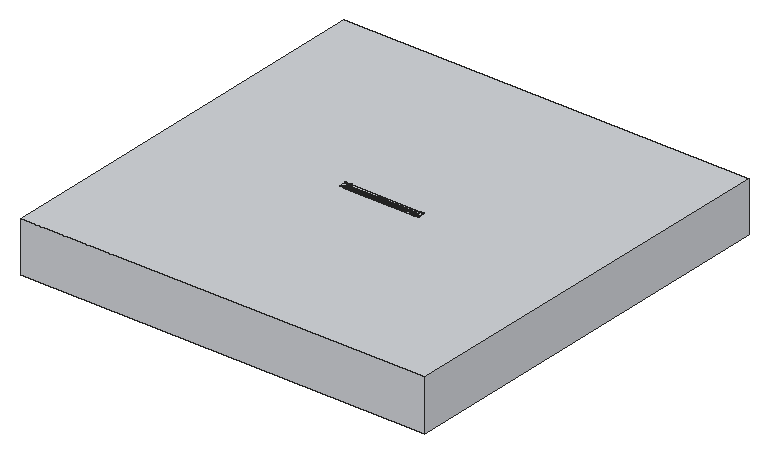
Revit family
Parameters (values of type "M-SFE-LC48-01C")
  Weight = 9.670 lbf
  Version = "Singlemode"
  U/M [instance] = "EA"
  U Space = "1"
  System = "MapIT (Copper & Fiber)"
  Serial Number = "M-SFE-LC48-01"
  Segment = "COPPER"
  Ports = "48"
  Model = "MAPIT"
  Metal = none
  Manufacturer = "SIEMON"
  Loaded/Empty = "Populated"
  Item Group = "MAPIT FIBER"
  Item Class = "X1"
  Description = "MAPIT G2 SMART FIBER ENCLOSURE 48LC,SM,1RMS,BLACK"
  Default Elevation = 4' - 0"
  Color = "Black"
Types (3): name | Version | Description
  (no name) | "Singlemode" | "MAPIT G2 SMART FIBER ENCLOSURE 48LC,SM,1RMS,BLACK"
  M-SFE-LC48-01 | "Multimode" | "MAPIT G2 SMART FIBER ENCLOSURE 48LC,1RMS,BLACK"
  M-SFE-LC48-01C | "Singlemode" | "MAPIT G2 SMART FIBER ENCLOSURE 48LC,SM,1RMS,BLACK"
Reference planes (in)
  plane 1 "Center (Front/Back)": y = 0
  plane 2: z = 0
  plane 3 "Center (Left/Right)": x = 0
Forms (in)
  Extrusion 1, solid
    sketch origin (0, 0, 0) x (1, 0, 0) y (0, 1, 0)
      loop
        line (-48, 48) -> (-48, -48) -> (48, -48) -> (48, 48) -> (-48, 48)
    from 0 to -12
Dimensions and locks (in)
  aligned and locked: plane 2 to Extrusion 1
  aligned and locked: level to Extrusion 1
Nested families (in)
  nested 1: "M-SFE-LC48-01" at (0, -0.70266, -6.02957), type "M-SFE-LC48-01"
Definition of nested family "M-SFE-LC48-01"
  Parameters (values of type "M-SFE-LC48-01")
    Weight = "4.4 kgs (9.67 lbs)"
    UL Rating = "UL 1863"
    U Space / Capacity = "1U"
    Plate = Plate
    Part Number = "M-SFE-LC48-01"
    Panel = Panel
    Material1 = Text
    Material = Cold rolled steel (CRS)
    Manufacturer Contact Info / Website = "www.siemon.com"
    Manufacturer = "Siemon"
    LED Red = LED Red
    LED Green = LED Green
    LCD = LCD
    Dimensions (H x W x D) = "44.5mm x 483mm x 264mm\r\n(1.75 in. x 19.0 in. x 10.37 in.)"
    Description = "MapIT G2 Smart Fiber Enclosure"
    Clearance = "50mm (2.0 in.) Front and Rear"
    Assembly Code = ""
  Reference planes (in)
    plane 1 "Center (Front/Back)": y = 0.70266
    plane 2: z = 6.02957
    plane 3 "Center (Left/Right)": x = 0
  Forms (in)
    Extrusion 1, solid, material "Cold rolled steel (CRS)" <- "Material"
      sketch origin (0, -0.82421, 0.91146) x (1, 0, 0) y (0, 1, 0)
        loop
          arc (8.27491, 0.58945) -> (8.32363, 0.60963) -> (8.34381, 0.65835) r 0.0689
          line (8.34381, 0.65835) -> (8.34381, 1.65167) -> (-8.34381, 1.65167) -> (-8.34381, 0.65835)
          arc (-8.34381, 0.65835) -> (-8.32363, 0.60963) -> (-8.27491, 0.58945) r 0.0689
          line (-8.27491, 0.58945) -> (-8.0967, 0.58945)
          arc (-8.0967, 0.58945) -> (-8.04798, 0.60963) -> (-8.0278, 0.65835) r 0.0689
          line (-8.0278, 0.65835) -> (-8.0278, 0.78434) -> (8.0278, 0.78434) -> (8.0278, 0.65835)
          arc (8.0278, 0.65835) -> (8.04798, 0.60963) -> (8.0967, 0.58945) r 0.0689
          line (8.0967, 0.58945) -> (8.27491, 0.58945)
        loop
          line (-0.6201, 1.36605) -> (-0.6201, 0.99104) -> (0.6201, 0.99104) -> (0.6201, 1.36605) -> (-0.6201, 1.36605)
        loop
          circle (-1.01504, 1.20158) r 0.11
        loop
          circle (1.01504, 1.20158) r 0.11
      from 5.13919 to 5.18419
    Extrusion 2, solid, material "Cold rolled steel (CRS)" <- "Material"
      sketch origin (0, -0.82421, 0.91146) x (0, 0, -1) y (0, 1, 0)
        loop
          arc (-5.10019, 1.73567) -> (-5.15959, 1.71107) -> (-5.18419, 1.65167) r 0.084
          line (-5.18419, 1.65167) -> (-5.13919, 1.65167)
          arc (-5.13919, 1.65167) -> (-5.12777, 1.67925) -> (-5.10019, 1.69067) r 0.039
          line (-5.10019, 1.69067) -> (-5.10019, 1.73567)
      from -8.32781 to 8.32781
    Extrusion 3, solid, material "Cold rolled steel (CRS)" <- "Material"
      sketch origin (0, -0.82421, 0.91146) x (1, 0, 0) y (0, 0, -1)
        loop
          line (8.42781, -5.10019) -> (8.42781, -4.82808)
          arc (8.42781, -4.82808) -> (8.40763, -4.77936) -> (8.35891, -4.75918) r 0.0689
          line (8.35891, -4.75918) -> (-8.35891, -4.75918)
          arc (-8.35891, -4.75918) -> (-8.40763, -4.77936) -> (-8.42781, -4.82808) r 0.0689
          line (-8.42781, -4.82808) -> (-8.42781, -5.10019) -> (8.42781, -5.10019)
      from 1.69067 to 1.73567
    Extrusion 4, solid, material "Cold rolled steel (CRS)" <- "Material"
      sketch origin (0, -0.82421, 0.91146) x (0, 0, -1) y (0, 1, 0)
        loop
          line (-5.08919, 1.59567) -> (-5.08919, 0.114)
          arc (-5.08919, 0.114) -> (-5.08187, 0.09633) -> (-5.06419, 0.089) r 0.025
          line (-5.06419, 0.089) -> (5.08919, 0.089) -> (5.08919, 1.59567)
          arc (5.08919, 1.59567) -> (5.05258, 1.68406) -> (4.96418, 1.72067) r 0.125
          line (4.96418, 1.72067) -> (4.60217, 1.72067)
          arc (4.60217, 1.72067) -> (4.55762, 1.70222) -> (4.53917, 1.65767) r 0.063
          line (4.53917, 1.65767) -> (4.53917, 1.28399)
          arc (4.53917, 1.28399) -> (4.13915, 0.33812) -> (3.73914, 1.28399) r 0.55752
          line (3.73914, 1.28399) -> (3.73914, 1.65767)
          arc (3.73914, 1.65767) -> (3.72069, 1.70222) -> (3.67614, 1.72067) r 0.063
          line (3.67614, 1.72067) -> (3.30255, 1.72067) -> (-4.96418, 1.72067)
          arc (-4.96418, 1.72067) -> (-5.05258, 1.68406) -> (-5.08919, 1.59567) r 0.125
      from -8.48031 to -8.43031
    Extrusion 5, solid, material "Cold rolled steel (CRS)" <- "Material"
      sketch origin (-0.05, -0.82421, 0.91146) x (0, 0, -1) y (0, 1, 0)
        loop
          arc (0.19685, 1.59567) -> (0.16024, 1.68406) -> (0.07185, 1.72067) r 0.125
          line (0.07185, 1.72067) -> (-5.14519, 1.72067) -> (-5.14519, 0) -> (0.07185, 0)
          arc (0.07185, 0) -> (0.16024, 0.03661) -> (0.19685, 0.125) r 0.125
          line (0.19685, 0.125) -> (0.19685, 1.59567)
      from -8.47531 to -8.43031
    Extrusion 6, solid, material "Cold rolled steel (CRS)" <- "Material"
      sketch origin (-0.034, -0.82421, 0.95647) x (1, 0, 0) y (0, 1, 0)
        loop
          line (-8.53032, 1.72067) -> (-9.2352, 1.72067)
          arc (-9.2352, 1.72067) -> (-9.32359, 1.68406) -> (-9.3602, 1.59567) r 0.125
          line (-9.3602, 1.59567) -> (-9.3602, 0.125)
          arc (-9.3602, 0.125) -> (-9.32359, 0.03661) -> (-9.2352, 0) r 0.125
          line (-9.2352, 0) -> (-8.53032, 0) -> (-8.53032, 1.72067)
        loop
          arc (-9.12681, 1.60992) -> (-9.21293, 1.5238) -> (-9.12681, 1.43768) r 0.08612
          line (-9.12681, 1.43768) -> (-8.95402, 1.43768)
          arc (-8.95402, 1.43768) -> (-8.8679, 1.5238) -> (-8.95402, 1.60992) r 0.08612
          line (-8.95402, 1.60992) -> (-9.12681, 1.60992)
        loop
          line (-9.12681, 0.11075) -> (-8.95402, 0.11075)
          arc (-8.95402, 0.11075) -> (-8.8679, 0.19687) -> (-8.95402, 0.28299) r 0.08612
          line (-8.95402, 0.28299) -> (-9.12681, 0.28299)
          arc (-9.12681, 0.28299) -> (-9.21293, 0.19687) -> (-9.12681, 0.11075) r 0.08612
      from 5.13919 to 5.18419
    Extrusion 7, solid, material "Cold rolled steel (CRS)" <- "Material"
      sketch origin (-0.034, -0.82421, 0.91146) x (1, 0, 0) y (0, 0, -1)
        loop
          line (-8.44631, -5.14519) -> (-8.49132, -5.14519)
          arc (-8.49132, -5.14519) -> (-8.50274, -5.17277) -> (-8.53032, -5.18419) r 0.039
          line (-8.53032, -5.18419) -> (-8.53032, -5.22919)
          arc (-8.53032, -5.22919) -> (-8.47092, -5.20459) -> (-8.44631, -5.14519) r 0.084
      from 0 to 1.72067
    Extrusion 8, void
      sketch origin (-1.82827, -0.82421, 12.23993) x (0.707107, 0, 0.707107) y (0, 1, 0)
        loop
          arc (-9.03909, 1.06452) -> (-9.08594, 1.01768) -> (-9.03909, 0.97083) r 0.04685
          line (-9.03909, 0.97083) -> (-8.9451, 0.97083)
          arc (-8.9451, 0.97083) -> (-8.89826, 1.01768) -> (-8.9451, 1.06452) r 0.04685
          line (-8.9451, 1.06452) -> (-9.03909, 1.06452)
      from 0.30582 to 0.47975
    Extrusion 9, solid, material "Cold rolled steel (CRS)" <- "Material"
      sketch origin (0, -0.82421, 0.91146) x (1, 0, 0) y (0, 1, 0)
        loop
          line (-8.43031, 0.089) -> (-8.48031, 0.089)
          arc (-8.48031, 0.089) -> (-8.45425, 0.02607) -> (-8.39131, 0) r 0.089
          line (-8.39131, 0) -> (-8.39131, 0.05)
          arc (-8.39131, 0.05) -> (-8.41889, 0.06143) -> (-8.43031, 0.089) r 0.039
        loop
          arc (8.43031, 0.089) -> (8.41889, 0.06143) -> (8.39131, 0.05) r 0.039
          line (8.39131, 0.05) -> (8.39131, 0)
          arc (8.39131, 0) -> (8.45425, 0.02607) -> (8.48031, 0.089) r 0.089
          line (8.48031, 0.089) -> (8.43031, 0.089)
      from -5.05019 to 5.05019
    Extrusion 10, solid, material "Cold rolled steel (CRS)" <- "Material"
      sketch origin (0, -0.82421, 0.91146) x (1, 0, 0) y (0, 1, 0)
        loop
          line (8.35531, 1.61131) -> (7.9633, 1.61131)
          arc (7.9633, 1.61131) -> (7.91875, 1.59286) -> (7.90029, 1.54831) r 0.063
          line (7.90029, 1.54831) -> (7.90029, 1.24464)
          arc (7.90029, 1.24464) -> (7.50028, 0.29877) -> (7.10026, 1.24464) r 0.55752
          line (7.10026, 1.24464) -> (7.10026, 1.54831)
          arc (7.10026, 1.54831) -> (7.08181, 1.59286) -> (7.03726, 1.61131) r 0.063
          line (7.03726, 1.61131) -> (-7.03726, 1.61131)
          arc (-7.03726, 1.61131) -> (-7.08181, 1.59286) -> (-7.10026, 1.54831) r 0.063
          line (-7.10026, 1.54831) -> (-7.10026, 1.24464)
          arc (-7.10026, 1.24464) -> (-7.50028, 0.29877) -> (-7.90029, 1.24464) r 0.55752
          line (-7.90029, 1.24464) -> (-7.90029, 1.54831)
          arc (-7.90029, 1.54831) -> (-7.91875, 1.59286) -> (-7.9633, 1.61131) r 0.063
          line (-7.9633, 1.61131) -> (-8.35531, 1.61131)
          arc (-8.35531, 1.61131) -> (-8.4437, 1.5747) -> (-8.48031, 1.48631) r 0.125
          line (-8.48031, 1.48631) -> (-8.48031, 0.089) -> (8.48031, 0.089) -> (8.48031, 1.48631)
          arc (8.48031, 1.48631) -> (8.4437, 1.5747) -> (8.35531, 1.61131) r 0.125
      from -5.13919 to -5.08919
    Extrusion 11, solid, material "Cold rolled steel (CRS)" <- "Material"
      sketch origin (0, -0.82421, 0.91146) x (1, 0, 0) y (0, 0, -1)
        loop
          arc (-8.30281, 5.03129) -> (-8.3912, 4.99468) -> (-8.42781, 4.90629) r 0.125
          line (-8.42781, 4.90629) -> (-8.42781, -4.25016) -> (8.42781, -4.25016) -> (8.42781, 4.90629)
          arc (8.42781, 4.90629) -> (8.3912, 4.99468) -> (8.30281, 5.03129) r 0.125
          line (8.30281, 5.03129) -> (6.75025, 5.03129) -> (6.75025, 5.10019) -> (-6.75025, 5.10019) -> (-6.75025, 5.03129) -> (-8.30281, 5.03129)
      from 1.62579 to 1.67579
    Revolve 12, solid, material "Cold rolled steel (CRS)" <- "Material"
      sketch origin (0, -0.82421, 0.91146) x (0, 0, -1) y (0, 1, 0)
        loop
          arc (5.512, 1.39426) -> (5.46527, 1.38622) -> (5.4222, 1.40604) r 0.08
          line (5.4222, 1.40604) -> (5.39124, 1.40604) -> (5.39124, 1.36404) -> (5.2612, 1.36404) -> (5.2612, 1.40404) -> (5.23919, 1.48504) -> (5.18919, 1.48504) -> (5.18919, 1.27504) -> (5.69221, 1.27504) -> (5.69221, 1.45344)
          arc (5.69221, 1.45344) -> (5.68266, 1.4705) -> (5.66313, 1.47126) r 0.02
          line (5.66313, 1.47126) -> (5.512, 1.39426)
        axis (5.69221, 1.27504) -> (5.18919, 1.27504)
      angle from 0 to 360
    Extrusion 13, solid, material "Cold rolled steel (CRS)" <- "Material"
      sketch origin (0, -0.82421, 0.91146) x (0, 0, -1) y (0, 1, 0)
        loop
          line (-5.13919, 0.78434) -> (-5.18419, 0.78434)
          arc (-5.18419, 0.78434) -> (-5.19734, 0.7526) -> (-5.22908, 0.73946) r 0.04488
          line (-5.22908, 0.73946) -> (-5.22908, 0.69445)
          arc (-5.22908, 0.69445) -> (-5.16552, 0.72078) -> (-5.13919, 0.78434) r 0.08989
      from -7.93764 to 7.93764
    Extrusion 14, solid, material "Cold rolled steel (CRS)" <- "Material"
      sketch origin (0, -0.82421, 0.91146) x (1, 0, 0) y (0, 0, -1)
        loop
          line (-7.93764, -5.22908) -> (-7.93764, -5.34589)
          arc (-7.93764, -5.34589) -> (-7.91746, -5.39461) -> (-7.86874, -5.41479) r 0.0689
          line (-7.86874, -5.41479) -> (7.86874, -5.41479)
          arc (7.86874, -5.41479) -> (7.91746, -5.39461) -> (7.93764, -5.34589) r 0.0689
          line (7.93764, -5.34589) -> (7.93764, -5.22908) -> (-7.93764, -5.22908)
      from 0.69445 to 0.73946
    Extrusion 15, solid, material "Cold rolled steel (CRS)" <- "Material"
      sketch origin (0, -0.82421, 0.91146) x (1, 0, 0) y (0, 1, 0)
        loop
          arc (-8.34677, 0.30604) -> (-8.37461, 0.29451) -> (-8.38614, 0.26667) r 0.03937
          line (-8.38614, 0.26667) -> (-8.38614, 0.10919)
          arc (-8.38614, 0.10919) -> (-8.37461, 0.08135) -> (-8.34677, 0.06981) r 0.03937
          line (-8.34677, 0.06981) -> (8.34677, 0.06981)
          arc (8.34677, 0.06981) -> (8.37461, 0.08135) -> (8.38614, 0.10919) r 0.03937
          line (8.38614, 0.10919) -> (8.38614, 0.26667)
          arc (8.38614, 0.26667) -> (8.37461, 0.29451) -> (8.34677, 0.30604) r 0.03937
          line (8.34677, 0.30604) -> (1.25851, 0.30604)
          arc (1.25851, 0.30604) -> (1.21505, 0.31724) -> (1.18994, 0.35444) r 0.06328
          arc (1.18994, 0.35444) -> (1.17606, 0.37628) -> (1.15162, 0.38479) r 0.03937
          line (1.15162, 0.38479) -> (-1.15162, 0.38479)
          arc (-1.15162, 0.38479) -> (-1.17606, 0.37628) -> (-1.18994, 0.35444) r 0.03937
          arc (-1.18994, 0.35444) -> (-1.21505, 0.31724) -> (-1.25851, 0.30604) r 0.06328
          line (-1.25851, 0.30604) -> (-8.34677, 0.30604)
      from 5.3892 to 5.4822
    Extrusion 16, solid, material "Cold rolled steel (CRS)" <- "Material"
      sketch origin (0, -0.82421, 0.91146) x (0, 0, -1) y (0, 1, 0)
        loop
          arc (-5.08919, 0.78503) -> (-5.07454, 0.82039) -> (-5.03919, 0.83503) r 0.05
          line (-5.03919, 0.83503) -> (-4.54911, 0.83503) -> (-4.54911, 0.88503) -> (-5.03919, 0.88503)
          arc (-5.03919, 0.88503) -> (-5.1099, 0.85574) -> (-5.13919, 0.78503) r 0.1
          line (-5.13919, 0.78503) -> (-5.13919, 0.089)
          arc (-5.13919, 0.089) -> (-5.11312, 0.02607) -> (-5.05019, 0) r 0.089
          line (-5.05019, 0) -> (-5.05019, 0.05)
          arc (-5.05019, 0.05) -> (-5.07777, 0.06143) -> (-5.08919, 0.089) r 0.039
          line (-5.08919, 0.089) -> (-5.08919, 0.78503)
      from -8.39131 to 8.39131
    Extrusion 17, solid, material "Cold rolled steel (CRS)" <- "Material"
      sketch origin (0, -0.82421, 0.91146) x (1, 0, 0) y (0, 0, -1)
        loop
          arc (-8.42781, -5.10019) -> (-8.40321, -5.15959) -> (-8.34381, -5.18419) r 0.084
          line (-8.34381, -5.18419) -> (-8.34381, -5.13919)
          arc (-8.34381, -5.13919) -> (-8.37139, -5.12777) -> (-8.38281, -5.10019) r 0.039
          line (-8.38281, -5.10019) -> (-8.42781, -5.10019)
        loop
          line (8.42781, -5.10019) -> (8.38281, -5.10019)
          arc (8.38281, -5.10019) -> (8.37139, -5.12777) -> (8.34381, -5.13919) r 0.039
          line (8.34381, -5.13919) -> (8.34381, -5.18419)
          arc (8.34381, -5.18419) -> (8.40321, -5.15959) -> (8.42781, -5.10019) r 0.084
      from 0.92127 to 1.65167
    Extrusion 18, solid, material "Cold rolled steel (CRS)" <- "Material"
      sketch origin (0, -0.82421, 5.20005) x (1, 0, 0) y (0, 1, 0)
        loop
          line (-8.48031, 1.53678) -> (-8.43531, 1.53678)
          arc (-8.43531, 1.53678) -> (-8.42389, 1.56436) -> (-8.39631, 1.57579) r 0.039
          line (-8.39631, 1.57579) -> (-8.39631, 1.62079)
          arc (-8.39631, 1.62079) -> (-8.45571, 1.59618) -> (-8.48031, 1.53678) r 0.084
      from -3.08754 to -2.58752
    Extrusion 19, solid, material "Cold rolled steel (CRS)" <- "Material"
      sketch origin (0, -0.82421, 0.91146) x (1, 0, 0) y (0, 1, 0)
        loop
          line (0.584, 1.34446) -> (-0.58416, 1.34446) -> (-0.58416, 1.01177) -> (0.584, 1.01177) -> (0.584, 1.34446)
        loop
          arc (-0.55128, 1.37478) -> (-0.60696, 1.35171) -> (-0.63002, 1.29603) r 0.07874
          line (-0.63002, 1.29603) -> (-0.63002, 1.04012)
          arc (-0.63002, 1.04012) -> (-0.61273, 0.99836) -> (-0.57097, 0.98106) r 0.05906
          line (-0.57097, 0.98106) -> (0.57081, 0.98106)
          arc (0.57081, 0.98106) -> (0.61148, 0.9973) -> (0.62979, 1.03708) r 0.05906
          line (0.62979, 1.03708) -> (0.62979, 1.31875)
          arc (0.62979, 1.31875) -> (0.61148, 1.35854) -> (0.57081, 1.37478) r 0.05906
          line (0.57081, 1.37478) -> (-0.55128, 1.37478)
      from 5.10019 to 5.13919
    Extrusion 20, solid, material "Cold rolled steel (CRS)" <- "Material"
      sketch origin (0, -0.82421, 0.82746) x (1, 0, 0) y (0, 0, -1)
        loop
          line (8.42781, -4.75918) -> (8.42781, -4.48706)
          arc (8.42781, -4.48706) -> (8.40763, -4.43834) -> (8.35891, -4.41816) r 0.0689
          line (8.35891, -4.41816) -> (-8.35891, -4.41816)
          arc (-8.35891, -4.41816) -> (-8.40763, -4.43834) -> (-8.42781, -4.48706) r 0.0689
          line (-8.42781, -4.48706) -> (-8.42781, -4.75918) -> (8.42781, -4.75918)
      from 1.62579 to 1.67579
    Extrusion 21, solid, material "Cold rolled steel (CRS)" <- "Material"
      sketch origin (0, -0.88409, 0.48645) x (0, 0, -1) y (0, 1, 0)
        loop
          arc (-5.10019, 1.73567) -> (-5.15959, 1.71107) -> (-5.18419, 1.65167) r 0.084
          line (-5.18419, 1.65167) -> (-5.13419, 1.65167)
          arc (-5.13419, 1.65167) -> (-5.12423, 1.67571) -> (-5.10019, 1.68567) r 0.034
          line (-5.10019, 1.68567) -> (-5.10019, 1.73567)
      from -8.42781 to 8.42781
    Extrusion 22, solid, material "Cold rolled steel (CRS)" <- "Material"
      sketch origin (0, -0.88409, 0.06143) x (0, 0, -1) y (0, 1, 0)
        loop
          arc (-5.10019, 1.73567) -> (-5.15959, 1.71107) -> (-5.18419, 1.65167) r 0.084
          line (-5.18419, 1.65167) -> (-5.13419, 1.65167)
          arc (-5.13419, 1.65167) -> (-5.12423, 1.67571) -> (-5.10019, 1.68567) r 0.034
          line (-5.10019, 1.68567) -> (-5.10019, 1.73567)
      from -8.42781 to 8.42781
    Extrusion 23, solid, material "Cold rolled steel (CRS)" <- "Material"
      sketch origin (0, -0.82421, 0.91146) x (0, 0, -1) y (0, 1, 0)
        loop
          line (-5.05019, 0.05) -> (-5.05019, 0) -> (5.05019, 0) -> (5.05019, 0.05) -> (-5.05019, 0.05)
      from -8.39131 to 8.39131
    Extrusion 24, solid, material "Cold rolled steel (CRS)" <- "Material"
      sketch origin (0, -0.82421, 0.91146) x (0, 0, -1) y (0, -1, 0)
        loop
          line (-4.96418, -1.72067) -> (3.30255, -1.72067) -> (3.67614, -1.72067)
          arc (3.67614, -1.72067) -> (3.72069, -1.70222) -> (3.73914, -1.65767) r 0.063
          line (3.73914, -1.65767) -> (3.73914, -1.28399)
          arc (3.73914, -1.28399) -> (4.13915, -0.33812) -> (4.53917, -1.28399) r 0.55752
          line (4.53917, -1.28399) -> (4.53917, -1.65767)
          arc (4.53917, -1.65767) -> (4.55762, -1.70222) -> (4.60217, -1.72067) r 0.063
          line (4.60217, -1.72067) -> (4.96418, -1.72067)
          arc (4.96418, -1.72067) -> (5.05258, -1.68406) -> (5.08919, -1.59567) r 0.125
          line (5.08919, -1.59567) -> (5.08919, -0.089) -> (-5.06419, -0.089)
          arc (-5.06419, -0.089) -> (-5.08187, -0.09633) -> (-5.08919, -0.114) r 0.025
          line (-5.08919, -0.114) -> (-5.08919, -1.59567)
          arc (-5.08919, -1.59567) -> (-5.05258, -1.68406) -> (-4.96418, -1.72067) r 0.125
      from -8.48031 to -8.43031
    Extrusion 25, solid, material "Cold rolled steel (CRS)" <- "Material"
      sketch origin (0.05, -0.82421, 0.91146) x (0, 0, -1) y (0, -1, 0)
        loop
          line (0.19685, -1.59567) -> (0.19685, -0.125)
          arc (0.19685, -0.125) -> (0.16024, -0.03661) -> (0.07185, 0) r 0.125
          line (0.07185, 0) -> (-5.14519, 0) -> (-5.14519, -1.72067) -> (0.07185, -1.72067)
          arc (0.07185, -1.72067) -> (0.16024, -1.68406) -> (0.19685, -1.59567) r 0.125
      from -8.47531 to -8.43031
    Extrusion 26, solid, material "Cold rolled steel (CRS)" <- "Material"
      sketch origin (0.034, -0.82421, 0.95647) x (-1, 0, 0) y (0, -1, 0)
        loop
          line (-8.53032, -1.72067) -> (-8.53032, 0) -> (-9.2352, 0)
          arc (-9.2352, 0) -> (-9.32359, -0.03661) -> (-9.3602, -0.125) r 0.125
          line (-9.3602, -0.125) -> (-9.3602, -1.59567)
          arc (-9.3602, -1.59567) -> (-9.32359, -1.68406) -> (-9.2352, -1.72067) r 0.125
          line (-9.2352, -1.72067) -> (-8.53032, -1.72067)
        loop
          line (-9.12681, -1.60992) -> (-8.95402, -1.60992)
          arc (-8.95402, -1.60992) -> (-8.8679, -1.5238) -> (-8.95402, -1.43768) r 0.08612
          line (-8.95402, -1.43768) -> (-9.12681, -1.43768)
          arc (-9.12681, -1.43768) -> (-9.21293, -1.5238) -> (-9.12681, -1.60992) r 0.08612
        loop
          arc (-9.12681, -0.11075) -> (-9.21293, -0.19687) -> (-9.12681, -0.28299) r 0.08612
          line (-9.12681, -0.28299) -> (-8.95402, -0.28299)
          arc (-8.95402, -0.28299) -> (-8.8679, -0.19687) -> (-8.95402, -0.11075) r 0.08612
          line (-8.95402, -0.11075) -> (-9.12681, -0.11075)
      from 5.13919 to 5.18419
    Extrusion 27, solid, material "Cold rolled steel (CRS)" <- "Material"
      sketch origin (0.034, -0.82421, 0.91146) x (-1, 0, 0) y (0, 0, 1)
        loop
          arc (-8.44631, 5.14519) -> (-8.47092, 5.20459) -> (-8.53032, 5.22919) r 0.084
          line (-8.53032, 5.22919) -> (-8.53032, 5.18419)
          arc (-8.53032, 5.18419) -> (-8.50274, 5.17277) -> (-8.49132, 5.14519) r 0.039
          line (-8.49132, 5.14519) -> (-8.44631, 5.14519)
      from 0 to 1.72067
    Extrusion 28, void
      sketch origin (1.82827, -0.82421, 12.23993) x (-0.707107, 0, 0.707107) y (0, -1, 0)
        loop
          line (-9.03909, -1.06452) -> (-8.9451, -1.06452)
          arc (-8.9451, -1.06452) -> (-8.89826, -1.01768) -> (-8.9451, -0.97083) r 0.04685
          line (-8.9451, -0.97083) -> (-9.03909, -0.97083)
          arc (-9.03909, -0.97083) -> (-9.08594, -1.01768) -> (-9.03909, -1.06452) r 0.04685
      from 0.30582 to 0.47975
    Extrusion 29, solid, material "Cold rolled steel (CRS)" <- "Material"
      sketch origin (0, -0.82421, 5.20005) x (-1, 0, 0) y (0, -1, 0)
        loop
          arc (-8.48031, -1.53678) -> (-8.45571, -1.59618) -> (-8.39631, -1.62079) r 0.084
          line (-8.39631, -1.62079) -> (-8.39631, -1.57579)
          arc (-8.39631, -1.57579) -> (-8.42389, -1.56436) -> (-8.43531, -1.53678) r 0.039
          line (-8.43531, -1.53678) -> (-8.48031, -1.53678)
      from -3.08754 to -2.58752
    Extrusion 30, solid, material "Cold rolled steel (CRS)" <- "Material"
      sketch origin (0, -0.82421, 0.91146) x (0, 0, -1) y (0, 1, 0)
        loop
          line (5.13919, 0.089) -> (5.08919, 0.089)
          arc (5.08919, 0.089) -> (5.07777, 0.06143) -> (5.05019, 0.05) r 0.039
          line (5.05019, 0.05) -> (5.05019, 0)
          arc (5.05019, 0) -> (5.11312, 0.02607) -> (5.13919, 0.089) r 0.089
      from -8.39127 to 8.39131
    Extrusion 31, solid, material "Cold rolled steel (CRS)" <- "Material"
      sketch origin (0, -0.82421, 0.91146) x (1, 0, 0) y (0, 0, -1)
        loop
          line (-7.97373, -5.42936) -> (-7.94086, -5.42177) -> (-7.9891, -5.21282) -> (-7.9891, -5.16518) -> (-8.02373, -5.16518) -> (-8.02373, -5.21282) -> (-7.97373, -5.42936)
      from 0.43177 to 0.54989
    Extrusion 32, solid, material "Cold rolled steel (CRS)" <- "Material"
      sketch origin (0, -0.82421, 0.91146) x (-1, 0, 0) y (0, 0, 1)
        loop
          line (-7.97373, 5.42936) -> (-8.02373, 5.21282) -> (-8.02373, 5.16518) -> (-7.9891, 5.16518) -> (-7.9891, 5.21282) -> (-7.94086, 5.42177) -> (-7.97373, 5.42936)
      from 0.43177 to 0.54989
    Extrusion 33, solid, material "LCD" <- "LCD"
      sketch origin (0, -0.82421, 0.91146) x (1, 0, 0) y (0, 1, 0)
        loop
          line (0.584, 1.34446) -> (-0.58416, 1.34446) -> (-0.58416, 1.01177) -> (0.584, 1.01177) -> (0.584, 1.34446)
      from 5.10019 to 5.13919
    Revolve 34, solid, material "LED Green" <- "LED Green"
      sketch origin (-1.01504, -0.6042, 0.91146) x (0, 0, -1) y (0, 1, 0)
        loop
          arc (-5.18419, 1.09157) -> (-5.22874, 1.0444) -> (-5.24493, 0.98157) r 0.12998
          line (-5.24493, 0.98157) -> (-5.18419, 0.98157) -> (-5.18419, 1.09157)
        axis (-5.24493, 0.98157) -> (-5.18419, 0.98157)
      angle from 0 to 360
    Revolve 35, solid, material "LED Red" <- "LED Red"
      sketch origin (1.01504, -0.6042, 0.91146) x (0, 0, -1) y (0, -1, 0)
        loop
          line (-5.18419, -1.09157) -> (-5.18419, -0.98157) -> (-5.24493, -0.98157)
          arc (-5.24493, -0.98157) -> (-5.22874, -1.0444) -> (-5.18419, -1.09157) r 0.12998
        axis (-5.24493, -0.98157) -> (-5.18419, -0.98157)
      angle from 0 to 360
  Cuts and joins
    Extrusion 28 cuts Extrusion 5
    Extrusion 28 cuts Extrusion 6
    Extrusion 28 cuts Extrusion 7
    joined: Extrusion 5, Extrusion 6, Extrusion 7
    joined: Extrusion 11, Revolve 12, Extrusion 22
    Extrusion 28 cuts Extrusion 1
    Extrusion 28 cuts Extrusion 2
    Extrusion 28 cuts Extrusion 3
    Extrusion 28 cuts Extrusion 13
    Extrusion 28 cuts Extrusion 14
    Extrusion 28 cuts Extrusion 17
    joined: Extrusion 1, Extrusion 2, Extrusion 3, Extrusion 13, Extrusion 14, Extrusion 17
    joined: Extrusion 20, Extrusion 21
    joined: Extrusion 9, Extrusion 16, Extrusion 23
    Extrusion 28 cuts Extrusion 25
    Extrusion 28 cuts Extrusion 26
    joined: Extrusion 10, Extrusion 30
